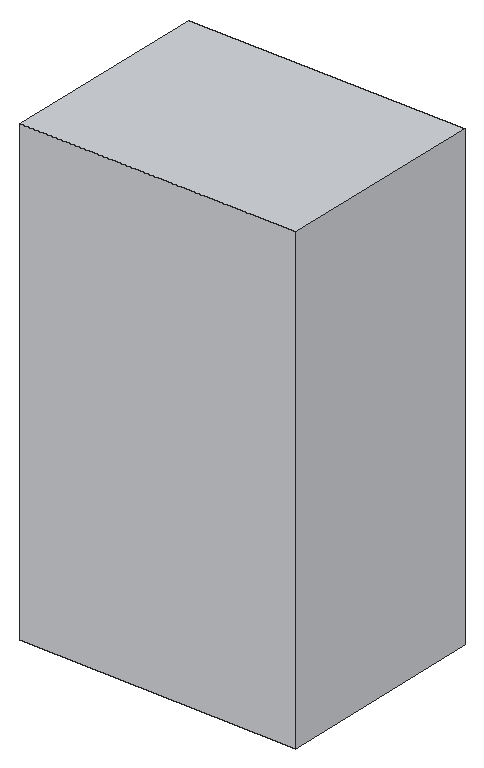
Revit family
Parameters
  Warranty Duration (Years) = 0
  Unit Width [instance] = 1' - 8"
  Unit Height [instance] = 1' - 8"
  Unit Depth = 0' - 1"
  URL = "http://www.americanspecialties.com/viewCategories.cfm"
  Trim Material = Glass
  Test Data = ""
  Specification = "http://www.arcat.com/sdspecs/htm/10810asi.htm"
  SpecWizard = ""
  Send Message = "http://www.arcat.com/users.pl?action=UserEmail&company=American%20Specialties,%20Inc.&coid=30448&rep=139&fax=914-476-0688&mf="
  Sales Information = "http://www.americanspecialties.com/contact"
  Revision = "R1_10-2010"
  Product Properties = "http://www.americanspecialties.com/datasheets/0605.pdf"
  Product Data = "http://www.arcat.com/arcatcos/cos30/arc30448.html"
  Model = "As Specified in 10 28 13"
  Mirror W [instance] = 1' - 7"
  Mirror Height = 1' - 7 1/2"
  Manufacturer Website = "http://www.americanspecialties.com/viewCategories.cfm"
  Manufacturer Phone - Toll Free = ""
  Manufacturer Phone = "914-476-9000 "
  Manufacturer Fax = "914-476-0688"
  Manufacturer Address = "441 Saw Mill River Rd., Yonkers, NY 10701"
  Manufacturer = "American Specialties, Inc."
  Maintenance Schedule (Months) = 0
  M = if(B = 0' 4", 0' 3 205/256", 0' 0 7/8")  # 0' - 0 7/8"
  Keynote = "10 28 13"
  Installation-Fabrication = "http://www.americanspecialties.com/products.cfm"
  Green Building-LEED = ""
  Expected Lifespan (Years) = 0
  Drawn By = "Robert S. Weygant. CSI, CDT, SCIP"  # constant formula
  Description = "Toilet Accessory as Specified in 10 28 13"
  Default Elevation = 4' - 0"
  Copyright = "©Arcat Inc."
  Construction Details = "http://www.arcat.com/green/clients/leed_data_30448.html"
  Building Codes = "http://www.americanspecialties.com/products.cfm"
  Body Material = Metal - Stainless Steel
  B = 0' - 1"
  Assembly Code = "C1030210"
Reference planes (in)
  plane 1 "Center (Front/Back)": y = -0.29112
  plane 2 "Floor Line": z = 0
  plane 3 "Center (Left/Right)": x = -0.65843
  plane 4: z = 58
  plane 5: x = -10.65843
  plane 6: x = 9.34157
  plane 7: z = 48
  plane 8: z = 68
  plane 9: x = 8.84157
  plane 10: x = -10.15843
Forms (in)
  Extrusion 1, solid
    sketch origin (-3, -9, -6) x (0, 0, -1) y (1, 0, 0)
      loop
        line (-82, 26) -> (-82, -19.34712) -> (-6, -19.34712) -> (-6, 26) -> (-82, 26)
    from 9 to -25.60721
  Extrusion 2, solid, material "Metal - Stainless Steel" <- "Body Material"
    sketch origin (-8.65843, 1.75, 0) x (0, 1, 0) y (0, 0, 1)
      loop
        line (-10.79112, 0) -> (9.20888, 0) -> (9.20888, 1) -> (-10.79112, 1) -> (-10.79112, 0)
    from -2 to 18
  Extrusion 3, solid, material "Glass" <- "Trim Material"
    sketch origin (-0.65843, 0, 0) x (0, 1, 0) y (0, 0, 1)
      loop
        line (-9.04112, 0.875) -> (-9.04112, 0) -> (10.45888, 0) -> (10.45888, 0.875) -> (-9.04112, 0.875)
    from -9.5 to 9.5
  Extrusion 4, solid, material "Metal - Stainless Steel" <- "Body Material"
    sketch origin (0, 0, 0) x (1, 0, 0) y (0, 1, 0)
      loop
        line (-10.65843, -9.04112) -> (-10.65843, -9.54112) -> (9.34157, -9.54112) -> (9.34157, -9.04112) -> (-10.65843, -9.04112)
    from 0 to 7
  Extrusion 5, void
    sketch origin (-0.65843, 0, 0) x (0, 1, 0) y (0, 0, 1)
      loop
        line (10.45888, 0.25) -> (10.45888, 4.08757) -> (-8.54112, 4.08757) -> (-8.54112, 0.25) -> (10.45888, 0.25)
    from -9.5 to 9.5
Cuts and joins
  Extrusion 5 cuts Extrusion 2
Dimensions and locks (in)
  equal spacing: plane 8, plane 4, plane 7
  equal spacing: plane 6, plane 3 "Center (Left/Right)", plane 5
  "Unit Width": plane 6 to plane 5
  "Unit Height": plane 8 to plane 7
  "Default Elevation": plane 7 to plane 2 "Floor Line"
  "Unit Height": Extrusion 2 sketch curve to Extrusion 2 sketch curve
  locked: Extrusion 2 sketch curve to Extrusion 2 sketch curve at 1
  "B": Extrusion 2 sketch curve to Extrusion 2 sketch curve
  locked: cut or joined group of Extrusion 2, Extrusion 5 to cut or joined group of Extrusion 2, Extrusion 5 at 0.5  (x2)
  "Mirror W": plane 10 to plane 9
  equal spacing: plane 10, plane 3 "Center (Left/Right)", plane 9
  "Mirror Height": Extrusion 3 to Extrusion 4
  "M": Extrusion 3 sketch curve to Extrusion 3 sketch curve
  locked: Extrusion 3 sketch curve to Extrusion 3 sketch curve at 0.875
  aligned and locked: Extrusion 1 to level
  aligned and locked: Extrusion 3 to Extrusion 4
  aligned and locked: Extrusion 4 to plane 5
  aligned and locked: plane 6 to Extrusion 4
  aligned and locked: plane 6 to cut or joined group of Extrusion 2, Extrusion 5
  aligned and locked: cut or joined group of Extrusion 2, Extrusion 5 to plane 5
  aligned and locked: Extrusion 3 to plane 9
  aligned and locked: plane 10 to Extrusion 3
  aligned and locked: Extrusion 3 to Extrusion 5
Automatic sketch dimensions
  Extrusion 1 sketch curve to Extrusion 1 sketch curve = 6' - 4"
  Extrusion 1 sketch curve to Extrusion 1 sketch curve = 3' - 9.34712"
  Extrusion 2 sketch curve to level = 0' - 0"
  plane 1 "Center (Front/Back)" to Extrusion 2 sketch curve = 0' - 8 3/4"
  plane 5 to Extrusion 4 sketch curve = 0' - 0"
  plane 6 to Extrusion 4 sketch curve = 0' - 0"
  plane 1 "Center (Front/Back)" to Extrusion 4 sketch curve = 0' - 9 1/4"
  Extrusion 4 sketch curve to Extrusion 4 sketch curve = 0' - 0 1/2"
  level to Extrusion 5 sketch curve = 0' - 0 1/4"
  plane 1 "Center (Front/Back)" to Extrusion 5 sketch curve = 0' - 8 1/4"
  level to Extrusion 5 sketch curve = 0' - 4.08757"
  Extrusion 5 sketch curve to plane 1 "Center (Front/Back)" = 0' - 10 3/4"
  plane 1 "Center (Front/Back)" to Extrusion 3 sketch curve = 0' - 8 3/4"
  Extrusion 3 sketch curve to plane 1 "Center (Front/Back)" = 0' - 10 3/4"
  Extrusion 3 sketch curve to level = 0' - 0"
